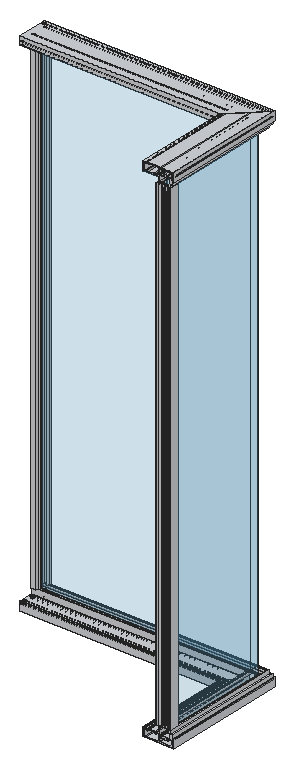
Revit family "Edge F Corner", category Windows, host Wall, Revit 2019
Family settings
  Host = Wall
  OmniClass Number = 23.30.20.00
  OmniClass Title = Windows
  Always vertical = Yes
  Cut with Voids When Loaded = No
  Shared = No
  Room Calculation Point = No
Parameters (values of type "OVO (JAMBS)")
  Width 2 Fin Void (If Needed) = 0' - 0 1/32"
  Width 2 = 1' - 6"
  Panel Offset = 0' - 2 11/32"  # constant formula
  NFW 2 = Jamb Offset + Width 2 + Panel Offset  # 1' - 9 27/32"
  Panel Length 2 = Width 2 + 0' 1"  # 1' - 7"
  Panel Length = Width + 0' 1"  # 3' - 1"
  NFW = Jamb Offset + Width + Panel Offset  # 3' - 3 27/32"
  Width Fin Void (If Needed) = 0' - 0 1/32"
  Jamb Offset = 0' - 1 1/2"  # constant formula
  Jamb 2 = yes
  Jamb = yes
  Height = 7' - 0"
  Fin Center Line = 0' - 0 1/2"
  Fin At Jamb 2 = no
  Fin At Jamb = no
  Default Sill Height = 1' - 0"
  Wall Closure = By host
  Width = 3' - 0"
  Analytic Construction = "<None>"
Reference planes (in)
  plane 1 "Center (Front/Back)": y = 0
  plane 2: z = 0
  plane 3 "Center (Left/Right)": x = 0
  plane 4 "Left": x = -18
  plane 5 "Right": x = 18
  plane 6 "Sill": z = 12
  plane 7 "Top": z = 96
  plane 8: x = -19.5
  plane 9: y = -2.6175
  plane 10: y = 2.6875
  plane 11: x = 20.34375
  plane 12: x = 18
  plane 13: x = -19
  plane 14 "Center F/C": y = -17.65625
  plane 15: y = 0.34375
  plane 16: y = -19.15625
  plane 17: y = -18.65625
  plane 18: x = -18.03125
  plane 19: y = -17.6875
  plane 20: y = 0.34375
  plane 21: x = 24
Forms (in)
  Extrusion 1, void
    sketch origin (0, 0, 12) x (0, -1, 0) y (1, 0, 0)
      loop
        line (-10.035, -18) -> (9.965, -18) -> (9.965, 3.03875) -> (17.65625, 3.03875) -> (17.65625, 32.34375) -> (-10.035, 32.34375) -> (-10.035, -18)
    from 0 to 84
  Extrusion 2, void
    sketch origin (0, 0, 12) x (0, -1, 0) y (1, 0, 0)
      loop
        line (17.65625, 13.03875) -> (17.6875, 13.03875) -> (17.6875, 22.34375) -> (17.65625, 22.34375) -> (17.65625, 13.03875)
      loop
        line (4.6175, -18) -> (-4.6875, -18) -> (-4.6875, -18.03125) -> (4.6175, -18.03125) -> (4.6175, -18)
    from 0 to 84
Text (in)
  text "EXTERIOR" at (-81.29905, 62.21207, 0), in view "Ref. Level"
  text "INTERIOR" at (-58.6888, -37.76638, 0), in view "Ref. Level"
  text "Exterior" at (0, 43.65631, 123.19604), in view "Left"
  text "Exterior" at (0, 18.29385, 125.04747), in view "Right"
Dimensions and locks (in)
  equal spacing: plane 4 "Left", plane 3 "Center (Left/Right)", plane 12
  "Width": plane 4 "Left" to plane 12
  "Height": plane 6 "Sill" to plane 7 "Top"
  "Default Sill Height": plane 2 to plane 6 "Sill"
  "Panel Offset": plane 12 to plane 11
  "Jamb Offset": plane 8 to plane 4 "Left"
  plane 8 to plane 11 = 3' - 3 27/32"
  "Panel Length": plane 13 to plane 12
  plane 14 "Center F/C" to plane 15 = 1' - 6"
  "Width 2": plane 14 "Center F/C" to plane 15
  "Jamb Offset": plane 16 to plane 14 "Center F/C"
  "Panel Offset": plane 15 to plane 10
  plane 16 to plane 10 = 1' - 9 27/32"
  locked: plane 17 to plane 16 at 0.5
  plane 17 to plane 15 = 1' - 7"
  plane 17 to plane 14 "Center F/C" = 0' - 1"
  plane 11 to Extrusion 1 sketch curve = 1' - 0"
  Extrusion 1 sketch curve to nested 8 = 1' - 0"
  locked: nested 10 to plane 11 at 0.52997
  "Width Fin Void (If Needed)": plane 18 to plane 4 "Left"
  locked: plane 11 to Extrusion 2 sketch curve at 2
  locked: Extrusion 2 sketch curve to nested 8 at 2
  "Width 2 Fin Void (If Needed)": plane 19 to plane 14 "Center F/C"
  aligned and locked: level to plane 2
  aligned and locked: plane 9 to nested 1
  aligned and locked: plane 11 to nested 1
  aligned and locked: plane 10 to nested 1
  aligned and locked: nested 2 to plane 8
  aligned and locked: plane 13 to nested 2
  aligned and locked: nested 1 to plane 6 "Sill"
  aligned and locked: plane 11 to nested 4
  aligned and locked: plane 7 "Top" to nested 4
  aligned and locked: nested 4 to plane 8
  aligned and locked: plane 15 to nested 6
  aligned and locked: plane 16 to nested 7  (x2)
  aligned and locked: plane 17 to nested 7
  aligned and locked: plane 6 "Sill" to Extrusion 1
  aligned and locked: Extrusion 1 to plane 7 "Top"
  aligned and locked: plane 16 to nested 5
  aligned and locked: plane 6 "Sill" to nested 3
  aligned and locked: plane 6 "Sill" to nested 2
  aligned and locked: nested 7 to plane 6 "Sill"
  aligned and locked: plane 6 "Sill" to nested 8  (x2)
  aligned and locked: nested 6 to plane 6 "Sill"
  aligned and locked: nested 5 to plane 7 "Top"  (x2)
  aligned and locked: plane 11 to nested 8
  aligned and locked: plane 11 to nested 5
  aligned and locked: nested 6 to plane 12
  aligned and locked: nested 3 to plane 15
  aligned and locked: nested 9 to plane 4 "Left"
  aligned and locked: nested 9 to plane 8
  aligned and locked: plane 16 to nested 10
  aligned and locked: plane 6 "Sill" to nested 9
  aligned and locked: nested 10 to plane 6 "Sill"
  aligned and locked: plane 4 "Left" to Extrusion 1 sketch curve
  aligned and locked: Extrusion 1 sketch curve to nested 10
  aligned and locked: Extrusion 2 sketch curve to plane 18
  aligned and locked: plane 14 "Center F/C" to Extrusion 2 sketch curve
  aligned and locked: Extrusion 2 sketch curve to plane 19
  aligned and locked: plane 20 to nested 3
  aligned and locked: nested 2 to plane 20
  aligned and locked: nested 7 to plane 21
  aligned and locked: Extrusion 2 to plane 7 "Top"
  aligned and locked: plane 6 "Sill" to Extrusion 2
Automatic sketch dimensions
  host wall to Extrusion 1 sketch curve = 0' - 7"  (x2)
  Extrusion 2 sketch curve to plane 4 "Left" = 0' - 0"
  host wall to Extrusion 2 sketch curve = 0' - 1.6525"  (x2)
  Extrusion 1 sketch curve to plane 4 "Left" = 0' - 0"
Nested families (in)
  nested 1: "Mitered Sill" at (20.34375, 2.6875, 12), type "Sill"
    with NFW 3' - 3 27/32"
  nested 2: "Fin" at (-19, -0.31658, -24), Vertical Heights <- "Height", visible <- "Fin At Jamb", type "Fin"
    with Vertical Heights 7' - 0"
  nested 3: "Glass Panel (SINGLE PANEL)" at (-0.5, 1.09375, 12), type "Panel To Fin"
    with Width 3' - 1", Height 7' - 0"
  nested 4: "Mitered Head" at (20.34375, 2.6875, 98.59), type "Mitered Head"
    with NFW 3' - 3 27/32"
  nested 5: "Mitered Head" at (20.34375, 2.6875, 98.59) x (0, 1, 0) z (0, 0, 1), type "Mitered Head 2"
    with NFW 1' - 9 27/32"
  nested 6: "Glass Panel (SINGLE PANEL)" at (18.75, -9.15625, 12) x (0, 1, 0) z (0, 0, 1), type "Panel To Fin 2"
    with Width 1' - 7", Height 7' - 0"
  nested 7: "Fin" at (23.33967, -18.65625, -24) x (0, 1, 0) z (0, 0, 1), Vertical Heights <- "Height", visible <- "Fin At Jamb 2", type "Fin"
    with Vertical Heights 7' - 0"
  nested 8: "Mitered Sill" at (20.34375, 2.6875, 12) x (0, 1, 0) z (0, 0, 1), type "Sill 2"
    with NFW 1' - 9 27/32"
  nested 9: "Jamb" at (-18, -0.34247, 12), visible <- "Jamb", type "Jamb"
    with Jamb Height 7' - 0"
  nested 10: "Jamb" at (17.31378, -17.65625, 12) x (0, 1, 0) z (0, 0, 1), visible <- "Jamb 2", type "Jamb"
    with Jamb Height 7' - 0"
Definition of nested family "Mitered Sill"
  Parameters (values of type "Sill")
    NFW = 3' - 6"
    Height = 3' - 0"
  Types (2): name | NFW
    Sill | 3' - 6"
    Sill 2 | 5' - 0"
  Reference planes (in)
    plane 1 "Center (Front/Back)": y = 0
    plane 2: z = 0
    plane 3 "Center (Left/Right)": x = 0
  Forms (in)
    Extrusion 1, solid, not visible
      sketch origin (6.5, 0.02923, 46.5) x (0, 1, 0) y (0, 0, 1)
        loop
          line (-2.65625, -9.5) -> (-2.65625, -11) -> (-0.0625, -11) -> (-0.0625, -12) -> (0, -12) -> (0, -10.82799) -> (2.59375, -10.82799) -> (2.59375, -11.54998) -> (1.5, -11.54998) -> (1.5, -12) -> (1.5625, -12) -> (1.5625, -11.61248) -> (2.65625, -11.61248) -> (2.65625, -9.5) -> (2.40625, -9.5) -> (2.40625, -9.58558) -> (2.59375, -9.58558) -> (2.59375, -10.76549) -> (0, -10.76549) -> (0, -9.58558) -> (0.15827, -9.58558) -> (0.15827, -9.5) -> (-0.21673, -9.5) -> (-0.21673, -9.58558) -> (-0.0625, -9.58558) -> (-0.0625, -10.9375) -> (-2.59375, -10.9375) -> (-2.59375, -9.58558) -> (-2.40625, -9.58558) -> (-2.40625, -9.5) -> (-2.65625, -9.5)
      from -38 to 25
    Extrusion 2, solid, not visible
      sketch origin (6.5, 0.02923, -9.5) x (0, 1, 0) y (0, 0, 1)
        loop
          line (-2.65625, 9.5) -> (-2.40625, 9.5) -> (-2.40625, 9.58558) -> (-2.59375, 9.58558) -> (-2.59375, 10.9375) -> (-0.0625, 10.9375) -> (-0.0625, 9.58558) -> (-0.21673, 9.58558) -> (-0.21673, 9.5) -> (0.15827, 9.5) -> (0.15827, 9.58558) -> (0, 9.58558) -> (0, 10.76549) -> (2.59375, 10.76549) -> (2.59375, 9.58558) -> (2.40625, 9.58558) -> (2.40625, 9.5) -> (2.65625, 9.5) -> (2.65625, 11.61248) -> (1.5625, 11.61248) -> (1.5625, 12) -> (1.5, 12) -> (1.5, 11.54998) -> (2.59375, 11.54998) -> (2.59375, 10.82799) -> (0, 10.82799) -> (0, 12) -> (-0.0625, 12) -> (-0.0625, 11) -> (-2.65625, 11) -> (-2.65625, 9.5)
      from -38 to 25
    Extrusion 3, solid
      sketch origin (-34, -2.65625, -12) x (0, 1, 0) y (0, 0, 1)
        loop
          line (2.12875, 12) -> (1.94125, 12) -> (1.94125, 11.87728)
          arc (1.94125, 11.87728) -> (1.78087, 11.70311) -> (1.94125, 11.52895) r 0.17476
          line (1.94125, 11.52895) -> (1.94125, 10.6875) -> (0.19125, 10.6875) -> (0.19125, 11.52895)
          arc (0.19125, 11.52895) -> (0.35163, 11.70311) -> (0.19125, 11.87728) r 0.17476
          line (0.19125, 11.87728) -> (0.19125, 11.97)
          arc (0.19125, 11.97) -> (0.18246, 11.99121) -> (0.16125, 12) r 0.03
          line (0.16125, 12) -> (0.00375, 12) -> (0.00375, 10.9375) -> (-2.46625, 10.9375)
          arc (-2.46625, 10.9375) -> (-2.48746, 10.92871) -> (-2.49625, 10.9075) r 0.03
          line (-2.49625, 10.9075) -> (-2.49625, 10.5375)
          arc (-2.49625, 10.5375) -> (-2.47125, 10.5125) -> (-2.44625, 10.5375) r 0.025
          arc (-2.44625, 10.5375) -> (-2.42125, 10.5625) -> (-2.39625, 10.5375) r 0.025
          line (-2.39625, 10.5375) -> (-2.39625, 10.36875)
          arc (-2.39625, 10.36875) -> (-2.42125, 10.34375) -> (-2.44625, 10.36875) r 0.025
          arc (-2.44625, 10.36875) -> (-2.47125, 10.39375) -> (-2.49625, 10.36875) r 0.025
          line (-2.49625, 10.36875) -> (-2.49625, 9.5) -> (-2.55875, 9.5) -> (-2.55875, 10.9375) -> (-2.64875, 10.9375) -> (-2.64875, 9.41) -> (2.65625, 9.41) -> (2.65625, 10.9375) -> (2.56625, 10.9375) -> (2.56625, 9.5) -> (2.50375, 9.5) -> (2.50375, 10.36875)
          arc (2.50375, 10.36875) -> (2.47875, 10.39375) -> (2.45375, 10.36875) r 0.025
          arc (2.45375, 10.36875) -> (2.42875, 10.34375) -> (2.40375, 10.36875) r 0.025
          line (2.40375, 10.36875) -> (2.40375, 10.5375)
          arc (2.40375, 10.5375) -> (2.42875, 10.5625) -> (2.45375, 10.5375) r 0.025
          arc (2.45375, 10.5375) -> (2.47875, 10.5125) -> (2.50375, 10.5375) r 0.025
          line (2.50375, 10.5375) -> (2.50375, 11.4375) -> (2.12875, 11.4375) -> (2.12875, 12)
        loop
          line (2.06625, 9.625) -> (2.28625, 9.625)
          arc (2.28625, 9.625) -> (2.30746, 9.63379) -> (2.31625, 9.655) r 0.03
          line (2.31625, 9.655) -> (2.31625, 10.5325)
          arc (2.31625, 10.5325) -> (2.30746, 10.55371) -> (2.28625, 10.5625) r 0.03
          line (2.28625, 10.5625) -> (1.84625, 10.5625)
          arc (1.84625, 10.5625) -> (1.82504, 10.55371) -> (1.81625, 10.5325) r 0.03
          line (1.81625, 10.5325) -> (1.81625, 10.25) -> (1.69125, 10.25) -> (1.69125, 10.36136)
          arc (1.69125, 10.36136) -> (1.68467, 10.38012) -> (1.6678, 10.39064) r 0.03
          arc (1.6678, 10.39064) -> (1.64546, 10.41185) -> (1.65359, 10.44156) r 0.03
          arc (1.65359, 10.44156) -> (1.5975, 10.581) -> (1.54141, 10.44156) r 0.081
          arc (1.54141, 10.44156) -> (1.54954, 10.41185) -> (1.5272, 10.39064) r 0.03
          arc (1.5272, 10.39064) -> (1.51033, 10.38012) -> (1.50375, 10.36136) r 0.03
          line (1.50375, 10.36136) -> (1.50375, 10.25) -> (1.19125, 10.25) -> (1.19125, 10.3125) -> (0.94125, 10.3125) -> (0.94125, 10.25) -> (0.62875, 10.25) -> (0.62875, 10.36136)
          arc (0.62875, 10.36136) -> (0.62217, 10.38012) -> (0.6053, 10.39064) r 0.03
          arc (0.6053, 10.39064) -> (0.58296, 10.41185) -> (0.59109, 10.44156) r 0.03
          arc (0.59109, 10.44156) -> (0.535, 10.581) -> (0.47891, 10.44156) r 0.081
          arc (0.47891, 10.44156) -> (0.48704, 10.41185) -> (0.4647, 10.39064) r 0.03
          arc (0.4647, 10.39064) -> (0.44783, 10.38012) -> (0.44125, 10.36136) r 0.03
          line (0.44125, 10.36136) -> (0.44125, 10.25) -> (0.31625, 10.25) -> (0.31625, 10.5325)
          arc (0.31625, 10.5325) -> (0.30746, 10.55371) -> (0.28625, 10.5625) r 0.03
          line (0.28625, 10.5625) -> (0.22125, 10.5625)
          arc (0.22125, 10.5625) -> (0.20004, 10.55371) -> (0.19125, 10.5325) r 0.03
          line (0.19125, 10.5325) -> (0.19125, 9.655)
          arc (0.19125, 9.655) -> (0.20004, 9.63379) -> (0.22125, 9.625) r 0.03
          line (0.22125, 9.625) -> (0.25375, 9.625)
          arc (0.25375, 9.625) -> (0.31625, 9.5625) -> (0.25375, 9.5) r 0.0625
          line (0.25375, 9.5) -> (2.06625, 9.5)
          arc (2.06625, 9.5) -> (2.00375, 9.5625) -> (2.06625, 9.625) r 0.0625
        loop
          arc (0.00375, 10.36875) -> (0.02875, 10.39375) -> (0.05375, 10.36875) r 0.025
          arc (0.05375, 10.36875) -> (0.07875, 10.34375) -> (0.10375, 10.36875) r 0.025
          line (0.10375, 10.36875) -> (0.10375, 10.5375)
          arc (0.10375, 10.5375) -> (0.07875, 10.5625) -> (0.05375, 10.5375) r 0.025
          arc (0.05375, 10.5375) -> (0.02875, 10.5125) -> (0.00375, 10.5375) r 0.025
          line (0.00375, 10.5375) -> (0.00375, 10.8125) -> (-0.38827, 10.8125)
          arc (-0.38827, 10.8125) -> (-0.35338, 10.71255) -> (-0.39679, 10.616) r 0.143
          arc (-0.39679, 10.616) -> (-0.44063, 10.61672) -> (-0.43991, 10.66055) r 0.031
          arc (-0.43991, 10.66055) -> (-0.49625, 10.79975) -> (-0.55259, 10.66055) r 0.081
          arc (-0.55259, 10.66055) -> (-0.55187, 10.61672) -> (-0.59571, 10.616) r 0.031
          arc (-0.59571, 10.616) -> (-0.63912, 10.71255) -> (-0.60423, 10.8125) r 0.143
          line (-0.60423, 10.8125) -> (-1.82577, 10.8125)
          arc (-1.82577, 10.8125) -> (-1.79088, 10.71255) -> (-1.83429, 10.616) r 0.143
          arc (-1.83429, 10.616) -> (-1.87813, 10.61672) -> (-1.87741, 10.66055) r 0.031
          arc (-1.87741, 10.66055) -> (-1.93375, 10.79975) -> (-1.99009, 10.66055) r 0.081
          arc (-1.99009, 10.66055) -> (-1.98937, 10.61672) -> (-2.03321, 10.616) r 0.031
          arc (-2.03321, 10.616) -> (-2.07662, 10.71255) -> (-2.04173, 10.8125) r 0.143
          line (-2.04173, 10.8125) -> (-2.27875, 10.8125)
          arc (-2.27875, 10.8125) -> (-2.29996, 10.80371) -> (-2.30875, 10.7825) r 0.03
          line (-2.30875, 10.7825) -> (-2.30875, 9.655)
          arc (-2.30875, 9.655) -> (-2.29996, 9.63379) -> (-2.27875, 9.625) r 0.03
          line (-2.27875, 9.625) -> (-2.24625, 9.625)
          arc (-2.24625, 9.625) -> (-2.18375, 9.5625) -> (-2.24625, 9.5) r 0.0625
          line (-2.24625, 9.5) -> (0.00375, 9.5) -> (0.00375, 10.36875)
      from -8 to 34
    Extrusion 4, void
      sketch origin (-10.5, 0, 0) x (1, 0, 0) y (0, 1, 0)
        loop
          line (10.5, 0) -> (5.1875, -5.3125) -> (10.5, -5.3125) -> (10.5, 0)
      from 0 to -2.59
    Extrusion 5, void, not visible
      sketch origin (0, 0, 0) x (1, 0, 0) y (0, 1, 0)
        loop
          line (10.5, 0) -> (5.1875, -5.3125) -> (10.5, -5.3125) -> (10.5, 0)
      from 0 to -2.5
  Cuts and joins
    Extrusion 4 cuts Extrusion 3
  Dimensions and locks (in)
    Extrusion 3 to Extrusion 3 = 3' - 6"
    "NFW": cut or joined group of Extrusion 3, Extrusion 4 to Extrusion 3
    aligned and locked: plane 2 to level
    aligned and locked: plane 3 "Center (Left/Right)" to cut or joined group of Extrusion 3, Extrusion 4  (x2)
  Automatic sketch dimensions
    Extrusion 2 sketch curve to Extrusion 2 sketch curve = 0' - 0 1/16"  (x7)
    Extrusion 2 sketch curve to Extrusion 2 sketch curve = 0' - 0 3/16"  (x2)
    Extrusion 2 sketch curve to Extrusion 2 sketch curve = 0' - 2.18952"
    Extrusion 2 sketch curve to Extrusion 2 sketch curve = 0' - 0.15423"  (x2)
    Extrusion 2 sketch curve to Extrusion 2 sketch curve = 0' - 0"  (x4)
    Extrusion 2 sketch curve to Extrusion 2 sketch curve = 0' - 0.15827"
    Extrusion 2 sketch curve to Extrusion 2 sketch curve = 0' - 1 1/2"
    Extrusion 2 sketch curve to Extrusion 2 sketch curve = 0' - 0 29/32"
    Extrusion 2 sketch curve to Extrusion 2 sketch curve = 0' - 1 1/32"
    Extrusion 2 sketch curve to Extrusion 2 sketch curve = 0' - 0.08558"  (x3)
    Extrusion 2 sketch curve to Extrusion 2 sketch curve = 0' - 1.17991"
    Extrusion 2 sketch curve to Extrusion 2 sketch curve = 0' - 1.35192"
    Extrusion 2 sketch curve to Extrusion 2 sketch curve = 0' - 0.72199"
    Extrusion 2 sketch curve to Extrusion 2 sketch curve = 0' - 1"
    Extrusion 2 sketch curve to Extrusion 2 sketch curve = 0' - 0.38752"
    Extrusion 1 sketch curve to Extrusion 1 sketch curve = 0' - 0 1/16"  (x7)
    Extrusion 1 sketch curve to Extrusion 1 sketch curve = 0' - 0 3/16"  (x2)
    Extrusion 1 sketch curve to Extrusion 1 sketch curve = 0' - 2.18952"
    Extrusion 1 sketch curve to Extrusion 1 sketch curve = 0' - 0.15423"  (x2)
    Extrusion 1 sketch curve to Extrusion 1 sketch curve = 0' - 0"  (x3)
    Extrusion 1 sketch curve to Extrusion 1 sketch curve = 0' - 0.15827"
    Extrusion 1 sketch curve to Extrusion 1 sketch curve = 0' - 1 1/2"
    Extrusion 1 sketch curve to Extrusion 1 sketch curve = 0' - 0 29/32"
    Extrusion 1 sketch curve to Extrusion 1 sketch curve = 0' - 1 1/32"
    Extrusion 1 sketch curve to Extrusion 1 sketch curve = 0' - 0.38752"
    Extrusion 1 sketch curve to Extrusion 1 sketch curve = 0' - 1"
    Extrusion 1 sketch curve to Extrusion 1 sketch curve = 0' - 0.72199"
    Extrusion 1 sketch curve to Extrusion 1 sketch curve = 0' - 1.17991"  (x2)
    Extrusion 1 sketch curve to Extrusion 1 sketch curve = 0' - 1.35192"
    Extrusion 1 sketch curve to Extrusion 1 sketch curve = 0' - 0.08558"  (x3)
    Extrusion 4 sketch curve to Extrusion 4 sketch curve = 0' - 5 5/16"  (x2)
    Extrusion 5 sketch curve to Extrusion 5 sketch curve = 0' - 5 5/16"  (x2)
    plane 1 "Center (Front/Back)" to Extrusion 4 sketch curve = 0' - 0"
    Extrusion 4 sketch curve to plane 3 "Center (Left/Right)" = 0' - 5 5/16"
    Extrusion 3 sketch curve to Extrusion 3 sketch curve = 0' - 0"  (x30)
    Extrusion 3 sketch curve to Extrusion 3 sketch curve = 0' - 0 1/16"  (x7)
    Extrusion 3 sketch curve to Extrusion 3 sketch curve = 0' - 0.025"  (x17)
    Extrusion 3 sketch curve to Extrusion 3 sketch curve = 0' - 0 3/16"
    Extrusion 3 sketch curve to Extrusion 3 sketch curve = 0' - 0.03"  (x16)
    Extrusion 3 sketch curve to Extrusion 3 sketch curve = 0' - 0 3/8"
    Extrusion 3 sketch curve to Extrusion 3 sketch curve = 0' - 0.22"
    Extrusion 3 sketch curve to Extrusion 3 sketch curve = 0' - 0.17312"
    Extrusion 3 sketch curve to Extrusion 3 sketch curve = 0' - 0.01438"  (x2)
    Extrusion 3 sketch curve to Extrusion 3 sketch curve = 0' - 0.345"
    Extrusion 3 sketch curve to Extrusion 3 sketch curve = 0' - 0.095"
    Extrusion 3 sketch curve to Extrusion 3 sketch curve = 0' - 0 1/8"  (x4)
    Extrusion 3 sketch curve to Extrusion 3 sketch curve = 0' - 0.01689"  (x2)
    Extrusion 3 sketch curve to Extrusion 3 sketch curve = 0' - 0.07686"  (x2)
    Extrusion 3 sketch curve to Extrusion 3 sketch curve = 0' - 0.01311"  (x2)
    Extrusion 3 sketch curve to Extrusion 3 sketch curve = 0' - 0 5/16"  (x2)
    Extrusion 3 sketch curve to Extrusion 3 sketch curve = 0' - 0 1/4"
    Extrusion 3 sketch curve to Extrusion 3 sketch curve = 0' - 0.1275"
    Extrusion 3 sketch curve to Extrusion 3 sketch curve = 0' - 0.14189"
    Extrusion 3 sketch curve to Extrusion 3 sketch curve = 0' - 0.065"
    Extrusion 3 sketch curve to Extrusion 3 sketch curve = 0' - 0.0325"  (x4)
    Extrusion 3 sketch curve to Extrusion 3 sketch curve = 0' - 0.0875"
    Extrusion 3 sketch curve to Extrusion 3 sketch curve = 0' - 0.1575"  (x2)
    Extrusion 3 sketch curve to Extrusion 3 sketch curve = 0' - 0.4221"
    Extrusion 3 sketch curve to Extrusion 3 sketch curve = 0' - 0.0779"  (x3)
    Extrusion 3 sketch curve to Extrusion 3 sketch curve = 0' - 1.8221"
    Extrusion 3 sketch curve to Extrusion 3 sketch curve = 0' - 0.02"
    Extrusion 3 sketch curve to Extrusion 3 sketch curve = 0' - 0.09"  (x3)
    Extrusion 3 sketch curve to level = 0' - 0"  (x2)
    Extrusion 3 sketch curve to Extrusion 3 sketch curve = 0' - 0.09272"
    Extrusion 3 sketch curve to Extrusion 3 sketch curve = 0' - 0.12272"
    Extrusion 3 sketch curve to Extrusion 3 sketch curve = 0' - 0.17416"  (x2)
    Extrusion 3 sketch curve to Extrusion 3 sketch curve = 0' - 0.09145"
    Extrusion 3 sketch curve to Extrusion 3 sketch curve = 0' - 0 1/2"
    Extrusion 3 sketch curve to Extrusion 3 sketch curve = 0' - 0.8102"
    Extrusion 3 sketch curve to Extrusion 3 sketch curve = 0' - 0 1/32"
    Extrusion 3 sketch curve to Extrusion 3 sketch curve = 0' - 0.08047"  (x3)
    Extrusion 3 sketch curve to Extrusion 3 sketch curve = 0' - 0.005"
    Extrusion 3 sketch curve to Extrusion 3 sketch curve = 0' - 0.37"
    Extrusion 3 sketch curve to Extrusion 3 sketch curve = 0' - 0.08009"  (x4)
    Extrusion 3 sketch curve to Extrusion 3 sketch curve = 0' - 0.16875"  (x3)
    Extrusion 3 sketch curve to Extrusion 3 sketch curve = 0' - 0.05855"  (x3)
    Extrusion 3 sketch curve to Extrusion 3 sketch curve = 0' - 0.11136"  (x3)
    Extrusion 3 sketch curve to Extrusion 3 sketch curve = 0' - 0.71375"  (x2)
    Extrusion 3 sketch curve to Extrusion 3 sketch curve = 0' - 0.155"  (x2)
    Extrusion 3 sketch curve to Extrusion 3 sketch curve = 0' - 0.86875"
    Extrusion 3 sketch curve to Extrusion 3 sketch curve = 0' - 0.00655"
    Extrusion 3 sketch curve to Extrusion 3 sketch curve = 0' - 0.10798"  (x4)
    Extrusion 3 sketch curve to Extrusion 3 sketch curve = 0' - 0.02156"  (x7)
    Extrusion 3 sketch curve to Extrusion 3 sketch curve = 0' - 0.57048"
    Extrusion 3 sketch curve to Extrusion 3 sketch curve = 0' - 0.05634"
    Extrusion 3 sketch curve to plane 1 "Center (Front/Back)" = 0' - 0"
Definition of nested family "Fin"
  Parameters (values of type "Fin")
    Vertical Heights [instance] = 13' - 0"
    Default Sill Height = 3' - 0"
  Reference planes (in)
    plane 1 "Center (Front/Back)": y = 0
    plane 2: z = 0
    plane 3 "Center (Left/Right)": x = 0
  Forms (in)
    Extrusion 1, solid
      sketch origin (60, 1.34783, 0) x (1, 0, 0) y (0, 1, 0)
        loop
          line (-60.5, -3.73064) -> (-59.5, -3.73064) -> (-59.5, -0.78533) -> (-59.375, -0.78533) -> (-59.375, -0.6875) -> (-59.625, -0.6875) -> (-59.72283, -0.78533) -> (-60.27717, -0.78533) -> (-60.375, -0.6875) -> (-60.625, -0.6875) -> (-60.625, -0.78533) -> (-60.5, -0.78533) -> (-60.5, -3.73064)
        loop
          line (-60.25, -1.03533) -> (-60.25, -3.48064) -> (-59.75, -3.48064) -> (-59.75, -1.03533) -> (-60.25, -1.03533)
      from 36 to 192
  Dimensions and locks (in)
    Extrusion 1 to Extrusion 1 = 0' - 1"
    "Default Sill Height": Extrusion 1 to level
    "Vertical Heights": Extrusion 1 to Extrusion 1
    aligned and locked: plane 2 to level
  Automatic sketch dimensions
    Extrusion 1 sketch curve to plane 3 "Center (Left/Right)" = 0' - 0 1/2"
    Extrusion 1 sketch curve to Extrusion 1 sketch curve = 0' - 0.09783"  (x4)
    Extrusion 1 sketch curve to plane 3 "Center (Left/Right)" = 0' - 0 1/4"
    plane 3 "Center (Left/Right)" to Extrusion 1 sketch curve = 0' - 0 1/4"
    Extrusion 1 sketch curve to Extrusion 1 sketch curve = 0' - 0.02717"
    Extrusion 1 sketch curve to Extrusion 1 sketch curve = 0' - 0 1/8"  (x3)
    plane 1 "Center (Front/Back)" to Extrusion 1 sketch curve = 0' - 2 49/128"
    Extrusion 1 sketch curve to Extrusion 1 sketch curve = 0' - 0 1/4"  (x4)
    Extrusion 1 sketch curve to plane 1 "Center (Front/Back)" = 0' - 0 5/16"
    Extrusion 1 sketch curve to Extrusion 1 sketch curve = 0' - 0"
Definition of nested family "Glass Panel (SINGLE PANEL)"
  Parameters (values of type "Panel To Fin 2")
    Width = 4' - 1"
    Thickness = 0' - 1 1/2"
    Height = 8' - 0"
    Glass = none
    Analytic Construction = "<None>"
  Types (6): name | Width
    Panel To Fin 2 | 4' - 1"
    Panel To Fin | 4' - 1"
    Panel To Jamb | 4' - 0"
    OOO+ | 2' - 8"
    OO | 4' - 0"
    O | 8' - 0"
  Reference planes (in)
    plane 1 "Center (Front/Back)": y = 0
    plane 2: z = 0
    plane 3 "Center (Left/Right)": x = 0
    plane 4: x = 24.5
    plane 5: x = -24.5
    plane 6: y = -0.75
    plane 7: y = 0.75
    plane 8: z = 96
  Forms (in)
    Extrusion 1, solid, material <- "Glass"
      sketch origin (0, 0, 0) x (1, 0, 0) y (0, 0, 1)
        loop
          line (-24.5, 96) -> (-24.5, 0) -> (24.5, 0) -> (24.5, 96) -> (-24.5, 96)
      from -0.75 to 0.75
  Dimensions and locks (in)
    "Thickness": plane 7 to plane 6
    "Width": plane 5 to plane 4
    equal spacing: plane 7, plane 1 "Center (Front/Back)", plane 6
    equal spacing: plane 5, plane 3 "Center (Left/Right)", plane 4
    "Height": plane 8 to level
    aligned and locked: plane 2 to level
    aligned and locked: Extrusion 1 sketch curve to plane 8
    aligned and locked: Extrusion 1 sketch curve to plane 4
    aligned and locked: level to Extrusion 1 sketch curve
    aligned and locked: plane 5 to Extrusion 1 sketch curve
    aligned and locked: plane 7 to Extrusion 1
    aligned and locked: Extrusion 1 to plane 6
Definition of nested family "Mitered Head"
  Parameters (values of type "Mitered Head")
    NFW = 5' - 3"
    Height = 3' - 0"
  Reference planes (in)
    plane 1 "Center (Front/Back)": y = 0
    plane 2: z = 0
    plane 3 "Center (Left/Right)": x = 0
  Forms (in)
    Extrusion 1, solid, not visible
      sketch origin (6.5, 0.02923, 46.5) x (0, 1, 0) y (0, 0, 1)
        loop
          line (-2.65625, -9.5) -> (-2.65625, -11) -> (-0.0625, -11) -> (-0.0625, -12) -> (0, -12) -> (0, -10.82799) -> (2.59375, -10.82799) -> (2.59375, -11.54998) -> (1.5, -11.54998) -> (1.5, -12) -> (1.5625, -12) -> (1.5625, -11.61248) -> (2.65625, -11.61248) -> (2.65625, -9.5) -> (2.40625, -9.5) -> (2.40625, -9.58558) -> (2.59375, -9.58558) -> (2.59375, -10.76549) -> (0, -10.76549) -> (0, -9.58558) -> (0.15827, -9.58558) -> (0.15827, -9.5) -> (-0.21673, -9.5) -> (-0.21673, -9.58558) -> (-0.0625, -9.58558) -> (-0.0625, -10.9375) -> (-2.59375, -10.9375) -> (-2.59375, -9.58558) -> (-2.40625, -9.58558) -> (-2.40625, -9.5) -> (-2.65625, -9.5)
      from -38 to 25
    Extrusion 2, solid, not visible
      sketch origin (6.5, 0.02923, -9.5) x (0, 1, 0) y (0, 0, 1)
        loop
          line (-2.65625, 9.5) -> (-2.40625, 9.5) -> (-2.40625, 9.58558) -> (-2.59375, 9.58558) -> (-2.59375, 10.9375) -> (-0.0625, 10.9375) -> (-0.0625, 9.58558) -> (-0.21673, 9.58558) -> (-0.21673, 9.5) -> (0.15827, 9.5) -> (0.15827, 9.58558) -> (0, 9.58558) -> (0, 10.76549) -> (2.59375, 10.76549) -> (2.59375, 9.58558) -> (2.40625, 9.58558) -> (2.40625, 9.5) -> (2.65625, 9.5) -> (2.65625, 11.61248) -> (1.5625, 11.61248) -> (1.5625, 12) -> (1.5, 12) -> (1.5, 11.54998) -> (2.59375, 11.54998) -> (2.59375, 10.82799) -> (0, 10.82799) -> (0, 12) -> (-0.0625, 12) -> (-0.0625, 11) -> (-2.65625, 11) -> (-2.65625, 9.5)
      from -38 to 25
    Extrusion 3, solid
      sketch origin (-34, -2.65625, 9.41) x (0, 1, 0) y (0, 0, 1)
        loop
          line (2.12875, -12) -> (2.12875, -11.4375) -> (2.50375, -11.4375) -> (2.50375, -10.5375)
          arc (2.50375, -10.5375) -> (2.47875, -10.5125) -> (2.45375, -10.5375) r 0.025
          arc (2.45375, -10.5375) -> (2.42875, -10.5625) -> (2.40375, -10.5375) r 0.025
          line (2.40375, -10.5375) -> (2.40375, -10.36875)
          arc (2.40375, -10.36875) -> (2.42875, -10.34375) -> (2.45375, -10.36875) r 0.025
          arc (2.45375, -10.36875) -> (2.47875, -10.39375) -> (2.50375, -10.36875) r 0.025
          line (2.50375, -10.36875) -> (2.50375, -9.5) -> (2.56625, -9.5) -> (2.56625, -10.9375) -> (2.65625, -10.9375) -> (2.65625, -9.41) -> (-2.64875, -9.41) -> (-2.64875, -10.9375) -> (-2.55875, -10.9375) -> (-2.55875, -9.5) -> (-2.49625, -9.5) -> (-2.49625, -10.36875)
          arc (-2.49625, -10.36875) -> (-2.47125, -10.39375) -> (-2.44625, -10.36875) r 0.025
          arc (-2.44625, -10.36875) -> (-2.42125, -10.34375) -> (-2.39625, -10.36875) r 0.025
          line (-2.39625, -10.36875) -> (-2.39625, -10.5375)
          arc (-2.39625, -10.5375) -> (-2.42125, -10.5625) -> (-2.44625, -10.5375) r 0.025
          arc (-2.44625, -10.5375) -> (-2.47125, -10.5125) -> (-2.49625, -10.5375) r 0.025
          line (-2.49625, -10.5375) -> (-2.49625, -10.9075)
          arc (-2.49625, -10.9075) -> (-2.48746, -10.92871) -> (-2.46625, -10.9375) r 0.03
          line (-2.46625, -10.9375) -> (0.00375, -10.9375) -> (0.00375, -12) -> (0.16125, -12)
          arc (0.16125, -12) -> (0.18246, -11.99121) -> (0.19125, -11.97) r 0.03
          line (0.19125, -11.97) -> (0.19125, -11.87728)
          arc (0.19125, -11.87728) -> (0.35163, -11.70311) -> (0.19125, -11.52895) r 0.17476
          line (0.19125, -11.52895) -> (0.19125, -10.6875) -> (1.94125, -10.6875) -> (1.94125, -11.52895)
          arc (1.94125, -11.52895) -> (1.78087, -11.70311) -> (1.94125, -11.87728) r 0.17476
          line (1.94125, -11.87728) -> (1.94125, -12) -> (2.12875, -12)
        loop
          arc (2.06625, -9.625) -> (2.00375, -9.5625) -> (2.06625, -9.5) r 0.0625
          line (2.06625, -9.5) -> (0.25375, -9.5)
          arc (0.25375, -9.5) -> (0.31625, -9.5625) -> (0.25375, -9.625) r 0.0625
          line (0.25375, -9.625) -> (0.22125, -9.625)
          arc (0.22125, -9.625) -> (0.20004, -9.63379) -> (0.19125, -9.655) r 0.03
          line (0.19125, -9.655) -> (0.19125, -10.5325)
          arc (0.19125, -10.5325) -> (0.20004, -10.55371) -> (0.22125, -10.5625) r 0.03
          line (0.22125, -10.5625) -> (0.28625, -10.5625)
          arc (0.28625, -10.5625) -> (0.30746, -10.55371) -> (0.31625, -10.5325) r 0.03
          line (0.31625, -10.5325) -> (0.31625, -10.25) -> (0.44125, -10.25) -> (0.44125, -10.36136)
          arc (0.44125, -10.36136) -> (0.44783, -10.38012) -> (0.4647, -10.39064) r 0.03
          arc (0.4647, -10.39064) -> (0.48704, -10.41185) -> (0.47891, -10.44156) r 0.03
          arc (0.47891, -10.44156) -> (0.535, -10.581) -> (0.59109, -10.44156) r 0.081
          arc (0.59109, -10.44156) -> (0.58296, -10.41185) -> (0.6053, -10.39064) r 0.03
          arc (0.6053, -10.39064) -> (0.62217, -10.38012) -> (0.62875, -10.36136) r 0.03
          line (0.62875, -10.36136) -> (0.62875, -10.25) -> (0.94125, -10.25) -> (0.94125, -10.3125) -> (1.19125, -10.3125) -> (1.19125, -10.25) -> (1.50375, -10.25) -> (1.50375, -10.36136)
          arc (1.50375, -10.36136) -> (1.51033, -10.38012) -> (1.5272, -10.39064) r 0.03
          arc (1.5272, -10.39064) -> (1.54954, -10.41185) -> (1.54141, -10.44156) r 0.03
          arc (1.54141, -10.44156) -> (1.5975, -10.581) -> (1.65359, -10.44156) r 0.081
          arc (1.65359, -10.44156) -> (1.64546, -10.41185) -> (1.6678, -10.39064) r 0.03
          arc (1.6678, -10.39064) -> (1.68467, -10.38012) -> (1.69125, -10.36136) r 0.03
          line (1.69125, -10.36136) -> (1.69125, -10.25) -> (1.81625, -10.25) -> (1.81625, -10.5325)
          arc (1.81625, -10.5325) -> (1.82504, -10.55371) -> (1.84625, -10.5625) r 0.03
          line (1.84625, -10.5625) -> (2.28625, -10.5625)
          arc (2.28625, -10.5625) -> (2.30746, -10.55371) -> (2.31625, -10.5325) r 0.03
          line (2.31625, -10.5325) -> (2.31625, -9.655)
          arc (2.31625, -9.655) -> (2.30746, -9.63379) -> (2.28625, -9.625) r 0.03
          line (2.28625, -9.625) -> (2.06625, -9.625)
        loop
          line (0.00375, -10.36875) -> (0.00375, -9.5) -> (-2.24625, -9.5)
          arc (-2.24625, -9.5) -> (-2.18375, -9.5625) -> (-2.24625, -9.625) r 0.0625
          line (-2.24625, -9.625) -> (-2.27875, -9.625)
          arc (-2.27875, -9.625) -> (-2.29996, -9.63379) -> (-2.30875, -9.655) r 0.03
          line (-2.30875, -9.655) -> (-2.30875, -10.7825)
          arc (-2.30875, -10.7825) -> (-2.29996, -10.80371) -> (-2.27875, -10.8125) r 0.03
          line (-2.27875, -10.8125) -> (-2.04173, -10.8125)
          arc (-2.04173, -10.8125) -> (-2.07662, -10.71255) -> (-2.03321, -10.616) r 0.143
          arc (-2.03321, -10.616) -> (-1.98937, -10.61672) -> (-1.99009, -10.66055) r 0.031
          arc (-1.99009, -10.66055) -> (-1.93375, -10.79975) -> (-1.87741, -10.66055) r 0.081
          arc (-1.87741, -10.66055) -> (-1.87813, -10.61672) -> (-1.83429, -10.616) r 0.031
          arc (-1.83429, -10.616) -> (-1.79088, -10.71255) -> (-1.82577, -10.8125) r 0.143
          line (-1.82577, -10.8125) -> (-0.60423, -10.8125)
          arc (-0.60423, -10.8125) -> (-0.63912, -10.71255) -> (-0.59571, -10.616) r 0.143
          arc (-0.59571, -10.616) -> (-0.55187, -10.61672) -> (-0.55259, -10.66055) r 0.031
          arc (-0.55259, -10.66055) -> (-0.49625, -10.79975) -> (-0.43991, -10.66055) r 0.081
          arc (-0.43991, -10.66055) -> (-0.44063, -10.61672) -> (-0.39679, -10.616) r 0.031
          arc (-0.39679, -10.616) -> (-0.35338, -10.71255) -> (-0.38827, -10.8125) r 0.143
          line (-0.38827, -10.8125) -> (0.00375, -10.8125) -> (0.00375, -10.5375)
          arc (0.00375, -10.5375) -> (0.02875, -10.5125) -> (0.05375, -10.5375) r 0.025
          arc (0.05375, -10.5375) -> (0.07875, -10.5625) -> (0.10375, -10.5375) r 0.025
          line (0.10375, -10.5375) -> (0.10375, -10.36875)
          arc (0.10375, -10.36875) -> (0.07875, -10.34375) -> (0.05375, -10.36875) r 0.025
          arc (0.05375, -10.36875) -> (0.02875, -10.39375) -> (0.00375, -10.36875) r 0.025
      from -29 to 34
    Extrusion 4, void
      sketch origin (-10.5, 0, 0) x (0, -1, 0) y (1, 0, 0)
        loop
          line (0, 10.5) -> (5.3125, 5.1875) -> (5.3125, 10.5) -> (0, 10.5)
      from 0 to -2.59
  Cuts and joins
    Extrusion 4 cuts Extrusion 3
  Dimensions and locks (in)
    "NFW": cut or joined group of Extrusion 3, Extrusion 4 to plane 3 "Center (Left/Right)"
    aligned and locked: plane 2 to level
    aligned and locked: plane 3 "Center (Left/Right)" to cut or joined group of Extrusion 3, Extrusion 4
  Automatic sketch dimensions
    Extrusion 3 sketch curve to Extrusion 3 sketch curve = 0' - 0"  (x30)
    Extrusion 3 sketch curve to level = 0' - 0"
    Extrusion 3 sketch curve to plane 1 "Center (Front/Back)" = 0' - 0"
    plane 1 "Center (Front/Back)" to Extrusion 3 sketch curve = 0' - 0.09"
    Extrusion 3 sketch curve to Extrusion 3 sketch curve = 0' - 0 1/16"  (x6)
    plane 1 "Center (Front/Back)" to Extrusion 3 sketch curve = 0' - 0.1525"
    Extrusion 3 sketch curve to Extrusion 3 sketch curve = 0' - 0.025"  (x14)
    Extrusion 3 sketch curve to Extrusion 3 sketch curve = 0' - 0.0875"  (x3)
    Extrusion 3 sketch curve to Extrusion 3 sketch curve = 0' - 0.03"  (x15)
    Extrusion 3 sketch curve to Extrusion 3 sketch curve = 0' - 0 3/8"
    Extrusion 3 sketch curve to Extrusion 3 sketch curve = 0' - 0.22"
    Extrusion 3 sketch curve to Extrusion 3 sketch curve = 0' - 0.17312"
    Extrusion 3 sketch curve to Extrusion 3 sketch curve = 0' - 0 3/16"  (x3)
    Extrusion 3 sketch curve to Extrusion 3 sketch curve = 0' - 0.01438"  (x2)
    Extrusion 3 sketch curve to Extrusion 3 sketch curve = 0' - 0.095"
    Extrusion 3 sketch curve to Extrusion 3 sketch curve = 0' - 0 1/8"  (x4)
    Extrusion 3 sketch curve to Extrusion 3 sketch curve = 0' - 0.01689"  (x2)
    Extrusion 3 sketch curve to Extrusion 3 sketch curve = 0' - 0.07686"  (x2)
    Extrusion 3 sketch curve to Extrusion 3 sketch curve = 0' - 0.1275"  (x2)
    Extrusion 3 sketch curve to Extrusion 3 sketch curve = 0' - 0.01311"  (x2)
    Extrusion 3 sketch curve to Extrusion 3 sketch curve = 0' - 0 5/16"  (x2)
    Extrusion 3 sketch curve to Extrusion 3 sketch curve = 0' - 0 1/4"
    Extrusion 3 sketch curve to Extrusion 3 sketch curve = 0' - 0.14189"
    Extrusion 3 sketch curve to level = 0' - 0.215"  (x2)
    Extrusion 3 sketch curve to Extrusion 3 sketch curve = 0' - 0.065"
    Extrusion 3 sketch curve to Extrusion 3 sketch curve = 0' - 0.0325"  (x2)
    Extrusion 3 sketch curve to Extrusion 3 sketch curve = 0' - 0.39202"
    Extrusion 3 sketch curve to Extrusion 3 sketch curve = 0' - 0.03008"  (x2)
    Extrusion 3 sketch curve to Extrusion 3 sketch curve = 0' - 0.0779"  (x4)
    Extrusion 3 sketch curve to Extrusion 3 sketch curve = 0' - 0.10798"  (x2)
    Extrusion 3 sketch curve to Extrusion 3 sketch curve = 0' - 1.22154"
    Extrusion 3 sketch curve to Extrusion 3 sketch curve = 0' - 0.2346"
    Extrusion 3 sketch curve to Extrusion 3 sketch curve = 0' - 0.23702"
    Extrusion 3 sketch curve to Extrusion 3 sketch curve = 0' - 0.1575"
    Extrusion 3 sketch curve to level = 0' - 0.09"  (x3)
    Extrusion 3 sketch curve to Extrusion 3 sketch curve = 0' - 0.09"
    Extrusion 3 sketch curve to Extrusion 3 sketch curve = 0' - 0.595"
    Extrusion 3 sketch curve to level = 0' - 0.84"
    Extrusion 3 sketch curve to Extrusion 3 sketch curve = 0' - 0.11136"  (x4)
    Extrusion 3 sketch curve to Extrusion 3 sketch curve = 0' - 0.11875"  (x2)
    Extrusion 3 sketch curve to Extrusion 3 sketch curve = 0' - 0.71375"
    Extrusion 3 sketch curve to Extrusion 3 sketch curve = 0' - 0.05855"  (x4)
    Extrusion 3 sketch curve to Extrusion 3 sketch curve = 0' - 0.08009"  (x2)
    Extrusion 3 sketch curve to Extrusion 3 sketch curve = 0' - 0.11259"  (x2)
    Extrusion 3 sketch curve to Extrusion 3 sketch curve = 0' - 0.16875"  (x2)
    Extrusion 3 sketch curve to Extrusion 3 sketch curve = 0' - 0.005"
    Extrusion 3 sketch curve to Extrusion 3 sketch curve = 0' - 0.10078"  (x2)
    Extrusion 3 sketch curve to Extrusion 3 sketch curve = 0' - 0.08047"  (x2)
    Extrusion 3 sketch curve to Extrusion 3 sketch curve = 0' - 0.245"
    Extrusion 3 sketch curve to Extrusion 3 sketch curve = 0' - 0 3/32"
    Extrusion 3 sketch curve to Extrusion 3 sketch curve = 0' - 0.4"
    Extrusion 3 sketch curve to Extrusion 3 sketch curve = 0' - 0 1/2"
    Extrusion 3 sketch curve to Extrusion 3 sketch curve = 0' - 0.09145"
    Extrusion 3 sketch curve to Extrusion 3 sketch curve = 0' - 0.59145"
    Extrusion 3 sketch curve to Extrusion 3 sketch curve = 0' - 0.17416"  (x2)
    Extrusion 3 sketch curve to Extrusion 3 sketch curve = 0' - 0.09272"
    Extrusion 3 sketch curve to Extrusion 3 sketch curve = 0' - 0.12272"
    Extrusion 3 sketch curve to level = 0' - 0.245"
    Extrusion 3 sketch curve to Extrusion 3 sketch curve = 0' - 0.02156"  (x2)
    plane 1 "Center (Front/Back)" to Extrusion 4 sketch curve = 0' - 0"
    Extrusion 4 sketch curve to plane 3 "Center (Left/Right)" = 0' - 0"
    Extrusion 4 sketch curve to Extrusion 4 sketch curve = 0' - 5 5/16"
    Extrusion 4 sketch curve to plane 3 "Center (Left/Right)" = 0' - 5 5/16"
    Extrusion 2 sketch curve to Extrusion 2 sketch curve = 0' - 0 1/16"  (x7)
    Extrusion 2 sketch curve to Extrusion 2 sketch curve = 0' - 0 3/16"  (x2)
    Extrusion 2 sketch curve to Extrusion 2 sketch curve = 0' - 2.18952"
    Extrusion 2 sketch curve to Extrusion 2 sketch curve = 0' - 0.15423"  (x2)
    Extrusion 2 sketch curve to Extrusion 2 sketch curve = 0' - 0"  (x4)
    Extrusion 2 sketch curve to Extrusion 2 sketch curve = 0' - 0.15827"
    Extrusion 2 sketch curve to Extrusion 2 sketch curve = 0' - 1 1/2"
    Extrusion 2 sketch curve to Extrusion 2 sketch curve = 0' - 0 29/32"
    Extrusion 2 sketch curve to Extrusion 2 sketch curve = 0' - 1 1/32"
    Extrusion 2 sketch curve to Extrusion 2 sketch curve = 0' - 0.08558"  (x3)
    Extrusion 2 sketch curve to Extrusion 2 sketch curve = 0' - 1.17991"
    Extrusion 2 sketch curve to Extrusion 2 sketch curve = 0' - 1.35192"
    Extrusion 2 sketch curve to Extrusion 2 sketch curve = 0' - 0.72199"
    Extrusion 2 sketch curve to Extrusion 2 sketch curve = 0' - 1"
    Extrusion 2 sketch curve to Extrusion 2 sketch curve = 0' - 0.38752"
    Extrusion 1 sketch curve to Extrusion 1 sketch curve = 0' - 0 1/16"  (x7)
    Extrusion 1 sketch curve to Extrusion 1 sketch curve = 0' - 0 3/16"  (x2)
    Extrusion 1 sketch curve to Extrusion 1 sketch curve = 0' - 2.18952"
    Extrusion 1 sketch curve to Extrusion 1 sketch curve = 0' - 0.15423"  (x2)
    Extrusion 1 sketch curve to Extrusion 1 sketch curve = 0' - 0"  (x3)
    Extrusion 1 sketch curve to Extrusion 1 sketch curve = 0' - 0.15827"
    Extrusion 1 sketch curve to Extrusion 1 sketch curve = 0' - 1 1/2"
    Extrusion 1 sketch curve to Extrusion 1 sketch curve = 0' - 0 29/32"
    Extrusion 1 sketch curve to Extrusion 1 sketch curve = 0' - 1 1/32"
    Extrusion 1 sketch curve to Extrusion 1 sketch curve = 0' - 0.38752"
    Extrusion 1 sketch curve to Extrusion 1 sketch curve = 0' - 1"
    Extrusion 1 sketch curve to Extrusion 1 sketch curve = 0' - 0.72199"
    Extrusion 1 sketch curve to Extrusion 1 sketch curve = 0' - 1.17991"  (x2)
    Extrusion 1 sketch curve to Extrusion 1 sketch curve = 0' - 1.35192"
    Extrusion 1 sketch curve to Extrusion 1 sketch curve = 0' - 0.08558"  (x3)
Definition of nested family "Jamb"
  Parameters
    Jamb Height = 1' - 0"
  Reference planes (in)
    plane 1 "Center (Front/Back)": y = 0
    plane 2: z = 0
    plane 3 "Center (Left/Right)": x = 0
  Forms (in)
    Extrusion 1, solid
      sketch origin (4.0416, 6.65706, 0) x (1, 0, 0) y (0, 1, 0)
        loop
          line (-5.5416, -6.53206) -> (-5.5416, -6.65706) -> (-4.6041, -6.65706) -> (-4.6041, -6.31206)
          arc (-4.6041, -6.31206) -> (-4.59531, -6.29085) -> (-4.5741, -6.28206) r 0.03
          line (-4.5741, -6.28206) -> (-4.0416, -6.28206) -> (-4.0416, -6.09456) -> (-4.16432, -6.09456)
          arc (-4.16432, -6.09456) -> (-4.33848, -5.93419) -> (-4.51264, -6.09456) r 0.17476
          line (-4.51264, -6.09456) -> (-5.2916, -6.09456) -> (-5.2916, -5.99956)
          arc (-5.2916, -5.99956) -> (-5.28281, -5.97835) -> (-5.2616, -5.96956) r 0.03
          line (-5.2616, -5.96956) -> (-5.0091, -5.96956)
          arc (-5.0091, -5.96956) -> (-4.98788, -5.96078) -> (-4.9791, -5.93956) r 0.03
          line (-4.9791, -5.93956) -> (-4.9791, -5.81547) -> (-4.9791, -5.37456)
          arc (-4.9791, -5.37456) -> (-4.98788, -5.35335) -> (-5.0091, -5.34456) r 0.03
          arc (-5.0091, -5.34456) -> (-5.04535, -5.21956) -> (-5.0091, -5.09456) r 0.23364
          arc (-5.0091, -5.09456) -> (-4.98788, -5.08578) -> (-4.9791, -5.06456) r 0.03
          line (-4.9791, -5.06456) -> (-4.9791, -4.6063) -> (-4.9791, -4.50081) -> (-4.79128, -4.40691)
          arc (-4.79128, -4.40691) -> (-4.75755, -4.38107) -> (-4.73581, -4.34456) r 0.1125
          line (-4.73581, -4.34456) -> (-4.51264, -4.34456)
          arc (-4.51264, -4.34456) -> (-4.33848, -4.50494) -> (-4.16432, -4.34456) r 0.17476
          line (-4.16432, -4.34456) -> (-4.0416, -4.34456) -> (-4.0416, -4.15706) -> (-5.5416, -4.15706) -> (-5.5416, -4.25206)
          arc (-5.5416, -4.25206) -> (-5.53281, -4.27328) -> (-5.5116, -4.28206) r 0.03
          line (-5.5116, -4.28206) -> (-5.4466, -4.28206)
          arc (-5.4466, -4.28206) -> (-5.42538, -4.29085) -> (-5.4166, -4.31206) r 0.03
          line (-5.4166, -4.31206) -> (-5.4166, -4.59456) -> (-5.30524, -4.59456)
          arc (-5.30524, -4.59456) -> (-5.28648, -4.60115) -> (-5.27596, -4.61801) r 0.03
          arc (-5.27596, -4.61801) -> (-5.25475, -4.64035) -> (-5.22504, -4.63223) r 0.03
          arc (-5.22504, -4.63223) -> (-5.0856, -4.68831) -> (-5.22503, -4.7444) r 0.081
          arc (-5.22503, -4.7444) -> (-5.25475, -4.73628) -> (-5.27595, -4.75862) r 0.03
          arc (-5.27595, -4.75862) -> (-5.28647, -4.77548) -> (-5.30523, -4.78206) r 0.03
          line (-5.30523, -4.78206) -> (-5.4166, -4.78206) -> (-5.4166, -5.09456) -> (-5.3541, -5.09456) -> (-5.3541, -5.34456) -> (-5.4166, -5.34456) -> (-5.4166, -5.65706) -> (-5.30523, -5.65706)
          arc (-5.30523, -5.65706) -> (-5.28648, -5.66364) -> (-5.27596, -5.6805) r 0.03
          arc (-5.27596, -5.6805) -> (-5.25475, -5.70283) -> (-5.22504, -5.69471) r 0.03
          arc (-5.22504, -5.69471) -> (-5.0856, -5.75079) -> (-5.22503, -5.80688) r 0.081
          arc (-5.22503, -5.80688) -> (-5.25475, -5.79876) -> (-5.27595, -5.82111) r 0.03
          arc (-5.27595, -5.82111) -> (-5.28648, -5.83798) -> (-5.30523, -5.84456) r 0.03
          line (-5.30523, -5.84456) -> (-5.4166, -5.84456) -> (-5.4166, -6.50206)
          arc (-5.4166, -6.50206) -> (-5.42538, -6.52327) -> (-5.4466, -6.53206) r 0.03
          line (-5.4466, -6.53206) -> (-5.5416, -6.53206)
      from 0 to 12
  Lines and regions (in)
    Filled region 1, type "Edge_f-002__1p50_Glazing-12", in view "Ref. Level"
      outline origin (0, 0, 0) x (1, 0, 0) y (0, 1, 0)
        loop
          arc (-448.09607, -54.50761) -> (-447.90857, -54.44518) -> (-447.72107, -54.50761) r 0.31278
          line (-447.72107, -54.50761) -> (-447.72107, -53.00761) -> (-448.09607, -53.00761) -> (-448.09607, -54.50761)
        loop
          arc (-447.16857, -53.00761) -> (-447.19873, -52.94511) -> (-447.16857, -52.88261) r 0.07984
          line (-447.16857, -52.88261) -> (-447.32018, -52.88261)
          arc (-447.32018, -52.88261) -> (-447.3441, -52.87786) -> (-447.36438, -52.86431) r 0.0625
          line (-447.36438, -52.86431) -> (-447.45277, -52.77592)
          arc (-447.45277, -52.77592) -> (-447.47304, -52.76237) -> (-447.49696, -52.75761) r 0.0625
          line (-447.49696, -52.75761) -> (-447.53357, -52.75761) -> (-447.53357, -53.00761) -> (-447.16857, -53.00761)
        loop
          arc (-448.64857, -52.88261) -> (-448.61842, -52.94511) -> (-448.64857, -53.00761) r 0.07984
          line (-448.64857, -53.00761) -> (-448.28357, -53.00761) -> (-448.28357, -52.75761) -> (-448.32018, -52.75761)
          arc (-448.32018, -52.75761) -> (-448.3441, -52.76237) -> (-448.36438, -52.77592) r 0.0625
          line (-448.36438, -52.77592) -> (-448.45277, -52.86431)
          arc (-448.45277, -52.86431) -> (-448.47304, -52.87786) -> (-448.49696, -52.88261) r 0.0625
          line (-448.49696, -52.88261) -> (-448.64857, -52.88261)
    Filled region 2, type "Edge_f-002__1p50_Glazing-12", in view "Ref. Level"
      outline origin (0, 0, 0) x (1, 0, 0) y (0, 1, 0)
        loop
          line (-447.53357, -53.00761) -> (-447.53357, -52.75761) -> (-448.28357, -52.75761) -> (-448.28357, -53.00761) -> (-447.53357, -53.00761)
    Filled region 3, type "Edge_f-002__1p50_Glazing-13", in view "Ref. Level"
      outline origin (0, 0, 0) x (1, 0, 0) y (0, 1, 0)
        loop
          line (-450.9924, -41.8935) -> (-450.6474, -41.8935)
          arc (-450.6474, -41.8935) -> (-450.62619, -41.88472) -> (-450.6174, -41.8635) r 0.03
          line (-450.6174, -41.8635) -> (-450.6174, -41.331) -> (-452.3949, -41.331) -> (-452.3949, -43.921) -> (-451.1449, -43.921) -> (-451.1449, -42.3935) -> (-450.9924, -42.3935) -> (-450.9924, -41.8935)
    Filled region 4, type "Edge_f-002__1p50_Glazing-14", in view "Ref. Level"
      outline origin (0, 0, 0) x (1, 0, 0) y (0, 1, 0)
        loop
          line (-450.9924, -37.1435) -> (-450.9924, -35.206) -> (-452.3949, -35.206) -> (-452.3949, -37.706) -> (-450.6174, -37.706) -> (-450.6174, -37.22671)
          arc (-450.6174, -37.22671) -> (-450.62121, -37.20758) -> (-450.63205, -37.19136) r 0.05
          line (-450.63205, -37.19136) -> (-450.66526, -37.15815)
          arc (-450.66526, -37.15815) -> (-450.68148, -37.14731) -> (-450.70061, -37.1435) r 0.05
          line (-450.70061, -37.1435) -> (-450.9924, -37.1435)
    Filled region 5, type "Edge_f-002__1p50_Glazing-12", in view "Ref. Level"
      outline origin (0, 0, 0) x (1, 0, 0) y (0, 1, 0)
        loop
          line (-444.0899, -41.331) -> (-448.4924, -41.331) -> (-448.4924, -42.331) -> (-445.8399, -42.331) -> (-445.8399, -43.921) -> (-444.0899, -43.921) -> (-444.0899, -41.331)
    Filled region 6, type "Edge_f-002__1p50_Glazing-15", in view "Ref. Level"
      outline origin (0, 0, 0) x (1, 0, 0) y (0, 1, 0)
        loop
          line (-440.32066, -42.3935) -> (-440.32066, -41.8935) -> (-439.97566, -41.8935)
          arc (-439.97566, -41.8935) -> (-439.95445, -41.88472) -> (-439.94566, -41.8635) r 0.03
          line (-439.94566, -41.8635) -> (-439.94566, -41.331) -> (-441.59816, -41.331) -> (-441.59816, -43.046) -> (-440.47316, -43.046) -> (-440.47316, -42.3935) -> (-440.32066, -42.3935)
    Filled region 7, type "Edge_f-002__1p50_Glazing-16", in view "Ref. Level"
      outline origin (0, 0, 0) x (1, 0, 0) y (0, 1, 0)
        loop
          line (-440.32066, -35.206) -> (-441.59816, -35.206) -> (-441.59816, -37.706) -> (-439.94566, -37.706) -> (-439.94566, -37.1735)
          arc (-439.94566, -37.1735) -> (-439.95445, -37.15229) -> (-439.97566, -37.1435) r 0.03
          line (-439.97566, -37.1435) -> (-440.32066, -37.1435) -> (-440.32066, -35.206)
    Filled region 8, type "Edge_f-002__1p50_Glazing-12", in view "Ref. Level"
      outline origin (0, 0, 0) x (1, 0, 0) y (0, 1, 0)
        loop
          line (-427.91816, -42.331) -> (-429.82066, -42.331) -> (-429.82066, -43.1435) -> (-429.66816, -43.1435) -> (-429.66816, -43.921) -> (-427.91816, -43.921) -> (-427.91816, -42.331)
    Filled region 9, type "Edge_f-002__1p50_Glazing-12", in view "Ref. Level"
      outline origin (0, 0, 0) x (1, 0, 0) y (0, 1, 0)
        loop
          line (-427.91816, -36.706) -> (-427.91816, -35.206) -> (-429.82066, -35.206) -> (-429.82066, -36.706) -> (-427.91816, -36.706)
    Filled region 10, type "Edge_f-002__1p50_Glazing-12", in view "Ref. Level"
      outline origin (0, 0, 0) x (1, 0, 0) y (0, 1, 0)
        loop
          line (-435.91816, -41.331) -> (-437.82066, -41.331) -> (-437.82066, -42.3935) -> (-437.66816, -42.3935) -> (-437.66816, -43.921) -> (-435.91816, -43.921) -> (-435.91816, -41.331)
    Filled region 11, type "Edge_f-002__1p50_Glazing-12", in view "Ref. Level"
      outline origin (0, 0, 0) x (1, 0, 0) y (0, 1, 0)
        loop
          line (-435.91816, -35.206) -> (-437.82066, -35.206) -> (-437.82066, -37.706) -> (-435.91816, -37.706) -> (-435.91816, -35.206)
    Filled region 12, type "Edge_f-002__1p50_Glazing-12", in view "Ref. Level"
      outline origin (0, 0, 0) x (1, 0, 0) y (0, 1, 0)
        loop
          line (-444.0899, -35.206) -> (-445.9924, -35.206) -> (-445.9924, -36.706) -> (-448.4924, -36.706) -> (-448.4924, -37.706) -> (-444.0899, -37.706) -> (-444.0899, -35.206)
    Filled region 13, type "Edge_f-002__1p50_Glazing-12", in view "Ref. Level"
      outline origin (0, 0, 0) x (1, 0, 0) y (0, 1, 0)
        loop
          line (-443.28356, -50.19511) -> (-444.78356, -50.19511) -> (-444.78356, -52.69511) -> (-443.28356, -52.69511) -> (-443.28356, -50.19511)
    Filled region 14, type "Edge_f-002__1p50_Glazing-12", in view "Ref. Level"
      outline origin (0, 0, 0) x (1, 0, 0) y (0, 1, 0)
        loop
          line (-451.03357, -50.19511) -> (-452.53357, -50.19511) -> (-452.53357, -52.69511) -> (-451.03357, -52.69511) -> (-451.03357, -50.19511)
    Filled region 15, type "Edge_f-002__1p50_Glazing-12", in view "Ref. Level"
      outline origin (0, 0, 0) x (1, 0, 0) y (0, 1, 0)
        loop
          line (-427.28356, -50.79261) -> (-428.78356, -50.79261) -> (-428.78356, -52.69511) -> (-427.28356, -52.69511) -> (-427.28356, -50.79261)
    Filled region 16, type "Edge_f-002__1p50_Glazing-12", in view "Ref. Level"
      outline origin (0, 0, 0) x (1, 0, 0) y (0, 1, 0)
        loop
          line (-435.03357, -50.79261) -> (-436.53357, -50.79261) -> (-436.53357, -52.69511) -> (-435.03357, -52.69511) -> (-435.03357, -50.79261)
    Filled region 17, type "Edge_f-002__1p50_Glazing-12", in view "Ref. Level"
      outline origin (0, 0, 0) x (1, 0, 0) y (0, 1, 0)
        loop
          arc (-431.72107, -53.00761) -> (-431.90857, -53.07011) -> (-432.09607, -53.00761) r 0.3125
          line (-432.09607, -53.00761) -> (-432.09607, -54.50761)
          arc (-432.09607, -54.50761) -> (-431.90857, -54.4489) -> (-431.72107, -54.50761) r 0.32875
          line (-431.72107, -54.50761) -> (-431.72107, -53.00761)
    Filled region 18, type "Edge_f-002__1p50_Glazing-12", in view "Ref. Level"
      outline origin (0, 0, 0) x (1, 0, 0) y (0, 1, 0)
        loop
          line (-448.8674, -42.6435) -> (-448.8674, -41.8935) -> (-450.2424, -41.8935) -> (-450.2424, -42.6435) -> (-448.8674, -42.6435)
    Filled region 19, type "Edge_f-002__1p50_Glazing-12", in view "Ref. Level"
      outline origin (0, 0, 0) x (1, 0, 0) y (0, 1, 0)
        loop
          line (-438.19566, -42.6435) -> (-438.19566, -41.8935) -> (-439.57066, -41.8935) -> (-439.57066, -42.6435) -> (-438.19566, -42.6435)
    Filled region 20, type "Edge_f-002__1p50_Glazing-12", in view "Ref. Level"
      outline origin (0, 0, 0) x (1, 0, 0) y (0, 1, 0)
        loop
          line (-431.57066, -42.8935) -> (-431.57066, -43.2685) -> (-430.19566, -43.2685) -> (-430.19566, -42.8935) -> (-431.57066, -42.8935)
  Dimensions and locks (in)
    "Jamb Height": Extrusion 1 to plane 2
    aligned and locked: plane 2 to level
  Automatic sketch dimensions
    plane 1 "Center (Front/Back)" to Extrusion 1 sketch curve = 0' - 0"
    Extrusion 1 sketch curve to plane 3 "Center (Left/Right)" = 0' - 0"  (x2)
    Extrusion 1 sketch curve to plane 3 "Center (Left/Right)" = 0' - 0.12272"  (x2)
    Extrusion 1 sketch curve to Extrusion 1 sketch curve = 0' - 0.17416"  (x4)
    Extrusion 1 sketch curve to Extrusion 1 sketch curve = 0' - 0.06145"
    Extrusion 1 sketch curve to Extrusion 1 sketch curve = 0' - 0.03"  (x12)
    Extrusion 1 sketch curve to Extrusion 1 sketch curve = 0' - 0.22316"
    Extrusion 1 sketch curve to Extrusion 1 sketch curve = 0' - 0.05548"
    Extrusion 1 sketch curve to plane 3 "Center (Left/Right)" = 0' - 0.77011"
    Extrusion 1 sketch curve to Extrusion 1 sketch curve = 0' - 0.10579"
    Extrusion 1 sketch curve to Extrusion 1 sketch curve = 0' - 0.18781"
    Extrusion 1 sketch curve to Extrusion 1 sketch curve = 0' - 0.46645"
    Extrusion 1 sketch curve to Extrusion 1 sketch curve = 0' - 0 3/16"  (x3)
    Extrusion 1 sketch curve to Extrusion 1 sketch curve = 0' - 0.08008"  (x2)
    Extrusion 1 sketch curve to Extrusion 1 sketch curve = 0' - 0.08009"  (x2)
    Extrusion 1 sketch curve to Extrusion 1 sketch curve = 0' - 0.01492"
    Extrusion 1 sketch curve to Extrusion 1 sketch curve = 0' - 0.05855"  (x4)
    Extrusion 1 sketch curve to Extrusion 1 sketch curve = 0' - 0.04887"
    Extrusion 1 sketch curve to Extrusion 1 sketch curve = 0' - 0 1/16"  (x2)
    Extrusion 1 sketch curve to plane 1 "Center (Front/Back)" = 0' - 0.155"
    Extrusion 1 sketch curve to Extrusion 1 sketch curve = 0' - 0 1/8"  (x2)
    Extrusion 1 sketch curve to Extrusion 1 sketch curve = 0' - 0.11136"
    Extrusion 1 sketch curve to Extrusion 1 sketch curve = 0' - 0.065"
    Extrusion 1 sketch curve to Extrusion 1 sketch curve = 0' - 0.095"  (x3)
    Extrusion 1 sketch curve to plane 1 "Center (Front/Back)" = 0' - 0.345"
    Extrusion 1 sketch curve to Extrusion 1 sketch curve = 0' - 0.17312"
    Extrusion 1 sketch curve to Extrusion 1 sketch curve = 0' - 0.01691"
    Extrusion 1 sketch curve to Extrusion 1 sketch curve = 0' - 0.1241"
    Extrusion 1 sketch curve to Extrusion 1 sketch curve = 0' - 0.07686"  (x2)
    Extrusion 1 sketch curve to Extrusion 1 sketch curve = 0' - 0.1275"  (x2)
    Extrusion 1 sketch curve to Extrusion 1 sketch curve = 0' - 0.01313"
    Extrusion 1 sketch curve to Extrusion 1 sketch curve = 0' - 0.29937"
    Extrusion 1 sketch curve to Extrusion 1 sketch curve = 0' - 0 5/16"  (x2)
